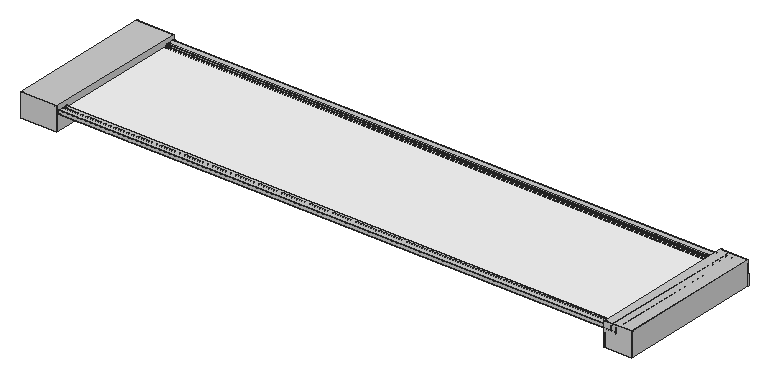
Revit family "DSI-HHS10B_2HR_Horizontal-Fire-Curtain_Jamb_Door-Systems", category Generic Models, Revit 2021
Family settings
  Can host rebar = No
  Round Connector Dimension = Use Diameter
  Part Type = Normal
  Work Plane-Based = No
  Always vertical = Yes
  Cut with Voids When Loaded = No
  Shared = No
  Room Calculation Point = No
Parameters
  Type Comments = ""
  Specifications = "https://www.arcat.com/company/door-systems-50183/spec"
  Specification = ""
  Product Page URL = ""
  Product Information = "https://www.arcat.com/arcatcos/cos50/arc50183.html"
  Primed Steel = "Primed Steel"
  Keynote = "08 33 44"
  Height (TBH) Tail end Box [instance] = 0' - 11.81"
  Description = ""
  Default Elevation = 0' - 0"
  Cost = 0
  Copyright = "Arcat, Inc."
  CURTAIN WIDTH [instance] = 5' - 3"
  URL = "https://www.doorsysinc.com"
  Width (TBW) Tail end Box [instance] = 1' - 1 3/4"
  Schematic Floor = no
  Power Supply = "120v"
  Open Fire Curtain = yes
  Motor = "INTERNAL, ELECTRIC, TUBULER GEARED CONSTANT SPEED MOTOR"
  Model = "DSI-HHS10B 2HR HorizontalnCurtain Jamb"
  Manufacturer = "Door Systems"
  Width (HBW) Head Box [instance] = 1' - 6 1/2"
  Height (HBH) Head Box [instance] = 0' - 11 3/4"
  Guide Rail = "2 mm THK PRIMED STEEL GUIDE RAIL"
  End Plate = "3mmTHK PRIMED STEEL END PLATES AND BRACKETS"
  Curtain Fabric = "HS690-SS FABRIC- UL 10B"
  Curtain Box = "1.2mmTHK PRIMED STEEL"
  Curtain = Curtain
  CURTAIN LENGTH [instance] = 23' - 0"
  CAD Details = ""
  Bottom Bar = "2mm THK  PRIMED STEEL  BOTTOM BAR"
  Assembly Code = ""
Reference planes (in)
  plane 1 "Center (Front/Back)": y = 0
  plane 2: z = 0.04835
  plane 3 "Center (Left/Right)": x = 0
  plane 4: y = 48
  plane 5: y = -25.62376
  plane 6: x = -48
  plane 7: x = 260.25
  plane 8: x = -29.5
  plane 9: x = 246.5
  plane 10: y = 43.47244
  plane 11: y = -21.0962
  plane 12: z = 0
  plane 13: z = 11.75
  plane 14: z = 8.30906
  plane 15: x = -34.22047
  plane 16: x = 252.40133
  plane 17: z = 10.90207
  plane 18: y = 47.2126
  plane 19: y = -24.84251
  plane 20: y = -25.57689
  plane 21: y = 47.95312
  plane 22: z = 9.7997
  plane 23: z = 9.75283
  plane 24: z = -0.06
  plane 25: z = -0.01312
  plane 26: z = 11.70276
  plane 27: x = -45.24409
  plane 28: x = -33.76735
  plane 29: x = -47.95312
  plane 30: x = -29.54687
  plane 31: y = -20.31495
  plane 32: y = 42.68505
  plane 33 "Cloth Superior": z = 9.0123
  plane 34: z = 8.96543
Forms (in)
  Extrusion 1, solid, material "Steel, Paint Finish, Dark Gray, Matte"
    sketch origin (0, -119.95313, 0) x (1, 0, 0) y (0, 0, 1)
      loop
        line (-48, 11.65551) -> (-48, -0.06) -> (-29.5, -0.06) -> (-29.5, 11.75) -> (-47.90551, 11.75)
        arc (-47.90551, 11.75) -> (-47.97233, 11.72233) -> (-48, 11.65551) r 0.09449
    from -94.37624 to -94.32936
  Extrusion 2, solid, material "Steel, Paint Finish, Dark Gray, Matte"
    sketch origin (0, -36, 0) x (1, 0, 0) y (0, 0, 1)
      loop
        line (-48, 11.65551) -> (-48, -0.06) -> (-29.5, -0.06) -> (-29.5, 11.75) -> (-47.90551, 11.75)
        arc (-47.90551, 11.75) -> (-47.97233, 11.72233) -> (-48, 11.65551) r 0.09449
    from -84 to -83.95312
  Extrusion 3, solid, material "Steel, Paint Finish, Dark Gray, Matte"
    sketch origin (0, -35.95313, 0) x (1, 0, 0) y (0, 0, 1)
      loop
        line (246.49582, -0.06) -> (260.24582, -0.06) -> (260.24582, 11.65551)
        arc (260.24582, 11.65551) -> (260.21814, 11.72233) -> (260.15133, 11.75) r 0.09449
        line (260.15133, 11.75) -> (246.49582, 11.75) -> (246.49582, -0.06)
    from -10.37624 to -10.32936
  Extrusion 4, solid, material "Steel, Paint Finish, Dark Gray, Matte"
    sketch origin (0, 48, 0) x (1, 0, 0) y (0, 0, 1)
      loop
        line (246.49582, -0.06) -> (260.24582, -0.06) -> (260.24582, 11.65551)
        arc (260.24582, 11.65551) -> (260.21814, 11.72233) -> (260.15133, 11.75) r 0.09449
        line (260.15133, 11.75) -> (246.49582, 11.75) -> (246.49582, -0.06)
    from 0 to 0.04688
  Extrusion 5, solid, material "Galvanized Steel"
    sketch origin (0, 1.56963, 0.2623) x (0, 1, 0) y (0, 0, 1)
      loop
        line (-21.88458, 8.86811) -> (-21.88458, 9.41929)
        arc (-21.88458, 9.41929) -> (-21.91918, 9.50281) -> (-22.00269, 9.5374) r 0.11811
        line (-22.00269, 9.5374) -> (-26.29403, 9.5374)
        arc (-26.29403, 9.5374) -> (-26.37755, 9.50281) -> (-26.41214, 9.41929) r 0.11811
        line (-26.41214, 9.41929) -> (-26.41214, 7.68701)
        arc (-26.41214, 7.68701) -> (-26.37755, 7.60349) -> (-26.29403, 7.5689) r 0.11811
        line (-26.29403, 7.5689) -> (-22.00269, 7.5689)
        arc (-22.00269, 7.5689) -> (-21.91918, 7.60349) -> (-21.88458, 7.68701) r 0.11811
        line (-21.88458, 7.68701) -> (-21.88458, 8.23819)
        arc (-21.88458, 8.23819) -> (-21.91918, 8.32171) -> (-22.00269, 8.3563) r 0.11811
        line (-22.00269, 8.3563) -> (-23.14443, 8.3563)
        arc (-23.14443, 8.3563) -> (-23.22794, 8.32171) -> (-23.26254, 8.23819) r 0.11811
        line (-23.26254, 8.23819) -> (-23.26254, 7.68701) -> (-23.1838, 7.68701) -> (-23.1838, 8.23819)
        arc (-23.1838, 8.23819) -> (-23.17227, 8.26603) -> (-23.14443, 8.27756) r 0.03937
        line (-23.14443, 8.27756) -> (-22.00269, 8.27756)
        arc (-22.00269, 8.27756) -> (-21.97486, 8.26603) -> (-21.96332, 8.23819) r 0.03937
        line (-21.96332, 8.23819) -> (-21.96332, 7.68701)
        arc (-21.96332, 7.68701) -> (-21.97486, 7.65917) -> (-22.00269, 7.64764) r 0.03937
        line (-22.00269, 7.64764) -> (-26.29403, 7.64764)
        arc (-26.29403, 7.64764) -> (-26.32187, 7.65917) -> (-26.3334, 7.68701) r 0.03937
        line (-26.3334, 7.68701) -> (-26.3334, 9.41929)
        arc (-26.3334, 9.41929) -> (-26.32187, 9.44713) -> (-26.29403, 9.45866) r 0.03937
        line (-26.29403, 9.45866) -> (-22.00269, 9.45866)
        arc (-22.00269, 9.45866) -> (-21.97486, 9.44713) -> (-21.96332, 9.41929) r 0.03937
        line (-21.96332, 9.41929) -> (-21.96332, 8.86811)
        arc (-21.96332, 8.86811) -> (-21.97486, 8.84027) -> (-22.00269, 8.82874) r 0.03937
        line (-22.00269, 8.82874) -> (-23.14443, 8.82874)
        arc (-23.14443, 8.82874) -> (-23.17227, 8.84027) -> (-23.1838, 8.86811) r 0.03937
        line (-23.1838, 8.86811) -> (-23.1838, 9.43307) -> (-23.26254, 9.43307) -> (-23.26254, 8.86811)
        arc (-23.26254, 8.86811) -> (-23.22794, 8.78459) -> (-23.14443, 8.75) r 0.11811
        line (-23.14443, 8.75) -> (-22.00269, 8.75)
        arc (-22.00269, 8.75) -> (-21.91918, 8.78459) -> (-21.88458, 8.86811) r 0.11811
    from -29.54687 to 252.40133
  Extrusion 6, solid, material "Steel, Paint Finish, Dark Gray, Matte"
    sketch origin (0, 0, -1.0631) x (0, 1, 0) y (0, 0, 1)
      loop
        line (44.063, 10.79774) -> (43.98426, 10.79774) -> (43.98426, 10.23278)
        arc (43.98426, 10.23278) -> (43.97273, 10.20494) -> (43.94489, 10.19341) r 0.03937
        line (43.94489, 10.19341) -> (42.80316, 10.19341)
        arc (42.80316, 10.19341) -> (42.77532, 10.20494) -> (42.76379, 10.23278) r 0.03937
        line (42.76379, 10.23278) -> (42.76379, 10.78396)
        arc (42.76379, 10.78396) -> (42.77532, 10.8118) -> (42.80316, 10.82333) r 0.03937
        line (42.80316, 10.82333) -> (47.09449, 10.82333)
        arc (47.09449, 10.82333) -> (47.12233, 10.8118) -> (47.13386, 10.78396) r 0.03937
        line (47.13386, 10.78396) -> (47.13386, 9.05167)
        arc (47.13386, 9.05167) -> (47.12233, 9.02383) -> (47.09449, 9.0123) r 0.03937
        line (47.09449, 9.0123) -> (42.80316, 9.0123)
        arc (42.80316, 9.0123) -> (42.77532, 9.02383) -> (42.76379, 9.05167) r 0.03937
        line (42.76379, 9.05167) -> (42.76379, 9.60285)
        arc (42.76379, 9.60285) -> (42.77532, 9.63069) -> (42.80316, 9.64222) r 0.03937
        line (42.80316, 9.64222) -> (43.94489, 9.64222)
        arc (43.94489, 9.64222) -> (43.97273, 9.63069) -> (43.98426, 9.60285) r 0.03937
        line (43.98426, 9.60285) -> (43.98426, 9.05167) -> (44.063, 9.05167) -> (44.063, 9.60285)
        arc (44.063, 9.60285) -> (44.0284, 9.68637) -> (43.94489, 9.72096) r 0.11811
        line (43.94489, 9.72096) -> (42.80316, 9.72096)
        arc (42.80316, 9.72096) -> (42.71964, 9.68637) -> (42.68505, 9.60285) r 0.11811
        line (42.68505, 9.60285) -> (42.68505, 9.05167)
        arc (42.68505, 9.05167) -> (42.71964, 8.96816) -> (42.80316, 8.93356) r 0.11811
        line (42.80316, 8.93356) -> (47.09449, 8.93356)
        arc (47.09449, 8.93356) -> (47.17801, 8.96816) -> (47.2126, 9.05167) r 0.11811
        line (47.2126, 9.05167) -> (47.2126, 10.78396)
        arc (47.2126, 10.78396) -> (47.17801, 10.86747) -> (47.09449, 10.90207) r 0.11811
        line (47.09449, 10.90207) -> (42.80316, 10.90207)
        arc (42.80316, 10.90207) -> (42.71964, 10.86747) -> (42.68505, 10.78396) r 0.11811
        line (42.68505, 10.78396) -> (42.68505, 10.23278)
        arc (42.68505, 10.23278) -> (42.71964, 10.14926) -> (42.80316, 10.11467) r 0.11811
        line (42.80316, 10.11467) -> (43.94489, 10.11467)
        arc (43.94489, 10.11467) -> (44.0284, 10.14926) -> (44.063, 10.23278) r 0.11811
        line (44.063, 10.23278) -> (44.063, 10.79774)
    from -29.5 to 252.40133
  Extrusion 7, solid, material "Curtain", visible <- "Open Fire Curtain"
    sketch origin (0, 0, 9.0123) x (-1, 0, 0) y (0, -1, 0)
      loop
        line (29.5, 21.0962) -> (-252.40133, 21.0962) -> (-252.40133, -43.47244) -> (29.5, -43.47244) -> (29.5, 21.0962)
    from -0.04688 to 0
  Extrusion 8, solid, material "Schematic Floor", visible <- "Schematic Floor"
    sketch origin (0, 0, 2.04687) x (1, 0, 0) y (0, 1, 0)
      loop
        line (-48, -25.57689) -> (260.25, -25.57689) -> (260.25, 48) -> (-48, 48) -> (-48, -25.57689)
      loop
        line (284.24582, 72) -> (-72, 72) -> (-72, -49.57689) -> (284.24582, -49.57689) -> (284.24582, 72)
    from 0 to 9.70313
  Extrusion 9, solid, material "Steel, Paint Finish, Dark Gray, Matte"
    sketch origin (0, 0, 0) x (1, 0, 0) y (0, 0, 1)
      loop
        line (246.49582, 11.75) -> (246.49582, 11.70276) -> (260.15133, 11.70276)
        arc (260.15133, 11.70276) -> (260.18474, 11.68892) -> (260.19857, 11.65551) r 0.04724
        line (260.19857, 11.65551) -> (260.19857, -0.01313) -> (246.54306, -0.01313) -> (246.54306, 6.53009)
        arc (246.54306, 6.53009) -> (246.54939, 6.55371) -> (246.56668, 6.57101) r 0.04724
        line (246.56668, 6.57101) -> (249.57707, 8.30906) -> (252.30684, 8.30906)
        arc (252.30684, 8.30906) -> (252.34025, 8.29522) -> (252.35408, 8.26181) r 0.04724
        line (252.35408, 8.26181) -> (252.35408, 7.68701) -> (252.40133, 7.68701) -> (252.40133, 8.26181)
        arc (252.40133, 8.26181) -> (252.37365, 8.32862) -> (252.30684, 8.3563) r 0.09449
        line (252.30684, 8.3563) -> (249.58368, 8.3563)
        arc (249.58368, 8.3563) -> (249.56237, 8.3523) -> (249.54248, 8.34364) r 0.09639
        line (249.54248, 8.34364) -> (246.54306, 6.61192)
        arc (246.54306, 6.61192) -> (246.50848, 6.57734) -> (246.49582, 6.53009) r 0.09449
        line (246.49582, 6.53009) -> (246.49582, -0.06) -> (260.24582, -0.06) -> (260.24582, 11.65551)
        arc (260.24582, 11.65551) -> (260.21814, 11.72233) -> (260.15133, 11.75) r 0.09449
        line (260.15133, 11.75) -> (246.49582, 11.75)
      loop
        line (250.23597, 8.65797) -> (250.23597, 8.73671) -> (249.8029, 8.73671)
        arc (249.8029, 8.73671) -> (249.74723, 8.75977) -> (249.72416, 8.81545) r 0.07874
        line (249.72416, 8.81545) -> (249.72416, 9.60285)
        arc (249.72416, 9.60285) -> (249.74723, 9.65853) -> (249.8029, 9.68159) r 0.07874
        line (249.8029, 9.68159) -> (252.24385, 9.68159)
        arc (252.24385, 9.68159) -> (252.29953, 9.65853) -> (252.32259, 9.60285) r 0.07874
        line (252.32259, 9.60285) -> (252.32259, 8.81545)
        arc (252.32259, 8.81545) -> (252.29953, 8.75977) -> (252.24385, 8.73671) r 0.07874
        line (252.24385, 8.73671) -> (251.81078, 8.73671) -> (251.81078, 8.65797) -> (252.24385, 8.65797)
        arc (252.24385, 8.65797) -> (252.3552, 8.7041) -> (252.40133, 8.81545) r 0.15748
        line (252.40133, 8.81545) -> (252.40133, 9.60285)
        arc (252.40133, 9.60285) -> (252.3552, 9.71421) -> (252.24385, 9.76033) r 0.15748
        line (252.24385, 9.76033) -> (249.8029, 9.76033)
        arc (249.8029, 9.76033) -> (249.69155, 9.71421) -> (249.64542, 9.60285) r 0.15748
        line (249.64542, 9.60285) -> (249.64542, 8.81545)
        arc (249.64542, 8.81545) -> (249.69155, 8.7041) -> (249.8029, 8.65797) r 0.15748
        line (249.8029, 8.65797) -> (250.23597, 8.65797)
      loop
        line (251.81078, 10.82333) -> (252.24385, 10.82333)
        arc (252.24385, 10.82333) -> (252.29953, 10.80026) -> (252.32259, 10.74459) r 0.07874
        line (252.32259, 10.74459) -> (252.32259, 9.95718)
        arc (252.32259, 9.95718) -> (252.29953, 9.90151) -> (252.24385, 9.87844) r 0.07874
        line (252.24385, 9.87844) -> (249.8029, 9.87844)
        arc (249.8029, 9.87844) -> (249.74723, 9.90151) -> (249.72416, 9.95718) r 0.07874
        line (249.72416, 9.95718) -> (249.72416, 10.74459)
        arc (249.72416, 10.74459) -> (249.74723, 10.80026) -> (249.8029, 10.82333) r 0.07874
        line (249.8029, 10.82333) -> (250.23597, 10.82333) -> (250.23597, 10.90207) -> (249.8029, 10.90207)
        arc (249.8029, 10.90207) -> (249.69155, 10.85594) -> (249.64542, 10.74459) r 0.15748
        line (249.64542, 10.74459) -> (249.64542, 9.95718)
        arc (249.64542, 9.95718) -> (249.69155, 9.84583) -> (249.8029, 9.7997) r 0.15748
        line (249.8029, 9.7997) -> (252.24385, 9.7997)
        arc (252.24385, 9.7997) -> (252.3552, 9.84583) -> (252.40133, 9.95718) r 0.15748
        line (252.40133, 9.95718) -> (252.40133, 10.74459)
        arc (252.40133, 10.74459) -> (252.3552, 10.85594) -> (252.24385, 10.90207) r 0.15748
        line (252.24385, 10.90207) -> (251.81078, 10.90207) -> (251.81078, 10.82333)
    from -47.95312 to 25.57689
  Extrusion 10, solid, material "Steel, Paint Finish, Dark Gray, Matte"
    sketch origin (-2.7556, 0, -3.5) x (1, 0, 0) y (0, 0, 1)
      loop
        line (-45.2444, 3.44) -> (-26.7444, 3.44) -> (-26.7444, 15.25) -> (-45.2444, 15.25) -> (-45.2444, 3.44)
    from -47.95312 to 25.57689
Lines and regions (in)
  symbolic lines
    curve 1: circle (-44.4481, 0, 6.24083) r 1.91535 normal (0, -1, 0)
    curve 2: circle (-44.4481, 0, 6.24083) r 1.50591 normal (0, -1, 0)
    curve 3: circle (-44.4481, 0, 6.24083) r 1.37795 normal (0, -1, 0)
    curve 4: line (-44.45337, 0, 8.57018) -> (-44.44283, 0, 3.91148)
    curve 5: line (-46.77745, 0, 6.23556) -> (-42.11875, 0, 6.2461)
    curve 6: line (-42.11875, 0, 6.2461) -> (-33.09316, 0, 6.2665)
    curve 7: line (-37.56899, 0, 10.72215) -> (-37.5488, 0, 1.79067)
    curve 8: arc (-37.5634, 0, 8.2505) -> (-38.97212, 0, 7.66325) -> (-39.55298, 0, 6.2519) r 1.99409
    curve 9: circle (-37.55889, 0, 6.25641) r 3.54331 normal (0, -1, 0)
    curve 10: line (-44.32021, 0, 8.15191) -> (-37.46315, 0, 7.69302)
    curve 11: line (-37.55564, 0, 4.81661) -> (-44.3106, 0, 4.33042)
    curve 12: circle (-37.55889, 0, 6.25641) r 1.43976 normal (0, -1, 0)
    curve 13: circle (-37.55889, 0, 6.25641) r 1.85236 normal (0, -1, 0)
    curve 14: circle (-37.55889, 0, 6.25641) r 1.99409 normal (0, -1, 0)
    curve 15: line (-34.11021, 0, 9.7997) -> (-37.56691, 0, 9.7997)
    curve 31: circle (251.07062, 0, 4.85876) r 1.43976 normal (0, -1, 0)
    curve 32: line (255.80408, 0, 6.76489) -> (250.93148, 0, 6.29178)
    curve 33: line (251.07062, 0, 6.65057) -> (251.07062, 0, 3.06695)
    curve 34: line (249.27881, 0, 4.85876) -> (252.86243, 0, 4.85876)
    curve 35: circle (251.07292, 0, 4.85876) r 0.83465 normal (0, -1, 0)
    curve 36: circle (251.07292, 0, 4.85876) r 0.71654 normal (0, -1, 0)
    curve 37: line (253.51091, 0, 4.85876) -> (258.47285, 0, 4.85876)
    curve 38: circle (255.99188, 0, 4.85876) r 1.91535 normal (0, -1, 0)
    curve 39: circle (255.99188, 0, 4.85876) r 1.50591 normal (0, -1, 0)
    curve 40: circle (255.99188, 0, 4.85876) r 1.37795 normal (0, -1, 0)
    curve 41: line (251.08935, 0, 3.41912) -> (255.80329, 0, 2.95271)
    curve 42: line (255.99188, 0, 7.33973) -> (255.99188, 0, 2.37779)
  symbolic lines, not visible
    curve 16: circle (-44.45615, 0, 6.29921) r 1.91535 normal (0, -1, 0)
    curve 17: circle (-44.45615, 0, 6.29921) r 1.50591 normal (0, -1, 0)
    curve 18: circle (-44.45615, 0, 6.29921) r 1.37795 normal (0, -1, 0)
    curve 19: line (-44.45615, 0, 8.62857) -> (-44.45615, 0, 3.96985)
    curve 20: line (-46.78551, 0, 6.29921) -> (-42.12679, 0, 6.29921)
    curve 21: line (-42.12679, 0, 6.29921) -> (-33.10118, 0, 6.29921)
    curve 22: line (-37.56693, 0, 10.76496) -> (-37.56693, 0, 1.83346)
    curve 23: arc (-37.56693, 0, 8.29331) -> (-38.97697, 0, 7.70925) -> (-39.56102, 0, 6.29921) r 1.99409
    curve 24: circle (-37.56693, 0, 6.29921) r 3.54331 normal (0, -1, 0)
    curve 25: line (-44.32394, 0, 8.21) -> (-37.46794, 0, 7.73561)
    curve 26: line (-37.56693, 0, 4.85941) -> (-44.32297, 0, 4.38849)
    curve 27: circle (-37.56693, 0, 6.29921) r 1.43976 normal (0, -1, 0)
    curve 28: circle (-37.56693, 0, 6.29921) r 1.85236 normal (0, -1, 0)
    curve 29: circle (-37.56693, 0, 6.29921) r 1.99409 normal (0, -1, 0)
    curve 30: line (-34.11024, 0, 9.8347) -> (-37.56693, 0, 9.84252)
    curve 43: circle (126.25984, 0, 4.92126) r 1.43976 normal (0, -1, 0)
    curve 44: line (130.9933, 0, 6.82739) -> (126.1207, 0, 6.35428)
    curve 45: line (126.25984, 0, 6.71307) -> (126.25984, 0, 3.12945)
    curve 46: line (124.46803, 0, 4.92126) -> (128.05166, 0, 4.92126)
    curve 47: circle (126.26214, 0, 4.92126) r 0.83465 normal (0, -1, 0)
    curve 48: circle (126.26214, 0, 4.92126) r 0.71654 normal (0, -1, 0)
    curve 49: line (128.70013, 0, 4.92126) -> (133.66207, 0, 4.92126)
    curve 50: circle (131.1811, 0, 4.92126) r 1.91535 normal (0, -1, 0)
    curve 51: circle (131.1811, 0, 4.92126) r 1.50591 normal (0, -1, 0)
    curve 52: circle (131.1811, 0, 4.92126) r 1.37795 normal (0, -1, 0)
    curve 53: line (126.27857, 0, 3.48162) -> (130.99251, 0, 3.01521)
    curve 54: line (131.1811, 0, 7.40223) -> (131.1811, 0, 2.44029)
Dimensions and locks (in)
  "Width (HBW) Head Box": plane 6 to plane 8
  "Width (TBW) Tail end Box": plane 9 to plane 7
  plane 6 to plane 7 = 25' - 8 1/4"
  "CURTAIN LENGTH": plane 8 to plane 9
  plane 4 to plane 5 = 6' - 1.62376"
  locked: plane 11 to plane 5 at 4.52756
  locked: plane 4 to plane 10 at 4.52756
  "Height (HBH) Head Box": plane 13 to plane 12
  locked: plane 13 to plane 14 at 3.44094
  locked: plane 9 to plane 16 at 5.90133
  locked: plane 13 to plane 17 at 0.84793
  locked: plane 4 to plane 18 at 0.7874
  locked: plane 19 to plane 5 at 0.78125
  locked: plane 20 to plane 5 at 0.04687
  locked: plane 4 to plane 21 at 0.04688
  plane 13 to plane 22 to plane 23 = 0' - 1.9503" locked, 0' - 0 3/64" locked
  locked: plane 14 to curve 37 at 3.4503
  locked: curve 33 to plane 16 at 1.33071
  "Height (TBH) Tail end Box": plane 13 to plane 24
  locked: plane 25 to plane 24 at 0.04688
  locked: plane 13 to plane 26 at 0.04724
  locked: level to plane 12 at 0.04835
  locked: plane 30 to plane 8 at 0.04688
  locked: plane 6 to plane 29 at 0.04688
  locked: plane 28 to plane 30 at 4.22047
  "CURTAIN WIDTH": plane 32 to plane 31
  locked: plane 4 to plane 32 at 5.31495
  locked: plane 31 to plane 5 at 5.30881
  locked: plane 33 "Cloth Superior" to plane 34 at 0.04688
  locked: plane 13 to plane 33 "Cloth Superior" at 2.7377
  aligned and locked: level to plane 2
  aligned and locked: Extrusion 1 to plane 5
  aligned and locked: Extrusion 1 to plane 20
  aligned and locked: Extrusion 2 to plane 21
  aligned and locked: plane 4 to Extrusion 2
  aligned and locked: plane 5 to Extrusion 3
  aligned and locked: Extrusion 3 to plane 20
  aligned and locked: Extrusion 4 to plane 4
  aligned and locked: plane 21 to Extrusion 4
  aligned and locked: plane 19 to Extrusion 5
  aligned and locked: Extrusion 7 to plane 16
  aligned and locked: Extrusion 7 to plane 10
  aligned and locked: Extrusion 7 to plane 11
  aligned and locked: plane 22 to curve 15
  aligned and locked: Extrusion 6 to plane 16
  aligned and locked: Extrusion 5 to plane 16
  aligned and locked: Extrusion 8 to plane 6
  aligned and locked: plane 7 to Extrusion 8
  aligned and locked: Extrusion 8 to plane 20
  aligned and locked: Extrusion 8 to plane 4
  aligned and locked: plane 24 to Extrusion 4
  aligned and locked: plane 24 to Extrusion 3
  aligned and locked: plane 26 to Extrusion 9
  aligned and locked: Extrusion 3 to plane 13
  aligned and locked: plane 24 to Extrusion 9
  aligned and locked: Extrusion 9 to plane 25
  aligned and locked: Extrusion 3 to plane 5
  aligned and locked: Extrusion 9 to Extrusion 8
  aligned and locked: plane 20 to Extrusion 9
  aligned and locked: Extrusion 8 to plane 13
  aligned and locked: Extrusion 9 sketch curve to plane 26
  aligned and locked: Extrusion 9 sketch curve to Extrusion 8
  aligned and locked: plane 21 to Extrusion 10
  aligned and locked: plane 20 to Extrusion 10
  aligned and locked: plane 6 to Extrusion 10 sketch curve
  aligned and locked: Extrusion 10 sketch curve to plane 24
  aligned and locked: plane 13 to Extrusion 10 sketch curve
  aligned and locked: plane 22 to Extrusion 5
  aligned and locked: plane 8 to Extrusion 6
  aligned and locked: plane 8 to Extrusion 7
  aligned and locked: plane 30 to Extrusion 5
  aligned and locked: Extrusion 1 sketch curve to plane 24
  aligned and locked: Extrusion 2 sketch curve to plane 24
  aligned and locked: plane 31 to Extrusion 5
  aligned and locked: plane 32 to Extrusion 6
  aligned and locked: plane 33 "Cloth Superior" to Extrusion 5
  aligned and locked: Extrusion 7 to plane 34
  aligned and locked: plane 33 "Cloth Superior" to Extrusion 7
Automatic sketch dimensions
  plane 6 to Extrusion 1 sketch curve = 0' - 0"
  Extrusion 1 sketch curve to plane 13 = 0' - 0"
  plane 8 to Extrusion 1 sketch curve = 0' - 0"
  Extrusion 1 sketch curve to plane 26 = 0' - 0.04724"
  plane 6 to Extrusion 2 sketch curve = 0' - 0"
  Extrusion 2 sketch curve to plane 13 = 0' - 0"
  plane 8 to Extrusion 2 sketch curve = 0' - 0"
  Extrusion 2 sketch curve to plane 26 = 0' - 0.04724"
  Extrusion 3 sketch curve to plane 24 = 0' - 0"
  Extrusion 3 sketch curve to plane 13 = 0' - 0"
  plane 9 to Extrusion 3 sketch curve = 0' - 0.00418"
  plane 7 to Extrusion 3 sketch curve = 0' - 0.09867"
  plane 7 to Extrusion 3 sketch curve = 0' - 0.00418"
  Extrusion 4 sketch curve to plane 24 = 0' - 0"
  Extrusion 4 sketch curve to plane 13 = 0' - 0"
  plane 9 to Extrusion 4 sketch curve = 0' - 0.00418"
  plane 7 to Extrusion 4 sketch curve = 0' - 0.09867"
  plane 7 to Extrusion 4 sketch curve = 0' - 0.00418"
  Extrusion 5 sketch curve to Extrusion 5 sketch curve = 0' - 0"  (x18)
  Extrusion 5 sketch curve to plane 19 = 0' - 0"
  Extrusion 5 sketch curve to Extrusion 5 sketch curve = 0' - 0.07874"
  Extrusion 5 sketch curve to Extrusion 5 sketch curve = 0' - 0.03937"  (x6)
  Extrusion 5 sketch curve to plane 11 = 0' - 0.5967"  (x2)
  plane 11 to Extrusion 5 sketch curve = 0' - 0.66314"  (x2)
  plane 14 to Extrusion 5 sketch curve = 0' - 0.19144"
  Extrusion 5 sketch curve to Extrusion 5 sketch curve = 0' - 0.55118"  (x2)
  Extrusion 5 sketch curve to Extrusion 5 sketch curve = 0' - 0.3937"
  Extrusion 5 sketch curve to plane 23 = 0' - 0.07124"
  Extrusion 5 sketch curve to plane 23 = 0' - 0.05746"
  Extrusion 6 sketch curve to Extrusion 6 sketch curve = 0' - 0"  (x18)
  Extrusion 6 sketch curve to plane 18 = 0' - 0"
  Extrusion 6 sketch curve to plane 23 = 0' - 0.03197"  (x2)
  Extrusion 6 sketch curve to plane 18 = 0' - 0.07874"
  Extrusion 6 sketch curve to Extrusion 6 sketch curve = 0' - 0.03937"  (x5)
  Extrusion 6 sketch curve to plane 23 = 0' - 0.01819"
  plane 10 to Extrusion 6 sketch curve = 0' - 0.59056"  (x2)
  plane 14 to Extrusion 6 sketch curve = 0' - 0.2307"
  Extrusion 6 sketch curve to plane 10 = 0' - 0.66929"  (x2)
  Extrusion 6 sketch curve to plane 14 = 0' - 0.32048"  (x2)
  Extrusion 6 sketch curve to Extrusion 6 sketch curve = 0' - 0.3937"
  Extrusion 8 sketch curve to plane 6 = 0' - 0"
  Extrusion 8 sketch curve to plane 7 = 0' - 0"
  plane 20 to Extrusion 8 sketch curve = 0' - 0"
  Extrusion 8 sketch curve to plane 4 = 0' - 0"
  plane 6 to Extrusion 8 sketch curve = 2' - 0"
  Extrusion 8 sketch curve to plane 7 = 1' - 11.99582"
  Extrusion 8 sketch curve to plane 5 = 1' - 11 61/64"
  plane 4 to Extrusion 8 sketch curve = 2' - 0"
  Extrusion 9 sketch curve to Extrusion 9 sketch curve = 0' - 0"  (x24)
  Extrusion 9 sketch curve to plane 24 = 0' - 0"
  Extrusion 9 sketch curve to plane 25 = 0' - 0"
  Extrusion 9 sketch curve to plane 14 = 0' - 0"
  Extrusion 9 sketch curve to plane 22 = 0' - 0"
  Extrusion 9 sketch curve to plane 17 = 0' - 0"  (x2)
  plane 16 to Extrusion 9 sketch curve = 0' - 0"  (x3)
  Extrusion 9 sketch curve to Extrusion 9 sketch curve = 0' - 0.04724"
  Extrusion 9 sketch curve to Extrusion 9 sketch curve = 0' - 0.07874"  (x8)
  plane 16 to Extrusion 9 sketch curve = 0' - 0.09449"
  Extrusion 9 sketch curve to plane 23 = 0' - 0.07124"
  Extrusion 9 sketch curve to Extrusion 9 sketch curve = 0' - 0.43307"  (x4)
  Extrusion 9 sketch curve to Extrusion 9 sketch curve = 0' - 1.5748"  (x2)
  plane 14 to Extrusion 9 sketch curve = 0' - 0.34892"
  Extrusion 9 sketch curve to plane 14 = 0' - 0.04889"
  Extrusion 9 sketch curve to Extrusion 9 sketch curve = 0' - 0.21222"
  Extrusion 9 sketch curve to Extrusion 9 sketch curve = 0' - 0.007"
  Extrusion 9 sketch curve to Extrusion 9 sketch curve = 0' - 0.00661"
  plane 14 to Extrusion 9 sketch curve = 0' - 0.03459"
  Extrusion 9 sketch curve to plane 9 = 0' - 0.09031"
  Extrusion 9 sketch curve to Extrusion 9 sketch curve = 0' - 0.02362"
  Extrusion 9 sketch curve to plane 9 = 0' - 0.04306"  (x2)
  plane 9 to Extrusion 9 sketch curve = 0' - 0.00418"  (x2)
  plane 7 to Extrusion 9 sketch curve = 0' - 0.09867"
  Extrusion 9 sketch curve to plane 26 = 0' - 0.04724"
  Extrusion 9 sketch curve to plane 14 = 0' - 1.77896"
  Extrusion 9 sketch curve to Extrusion 9 sketch curve = 0' - 0.5748"
  Extrusion 9 sketch curve to Extrusion 9 sketch curve = 0' - 0.30167"
  Extrusion 10 sketch curve to plane 30 = 0' - 0 3/64"
  plane 10 to Extrusion 7 sketch curve = 0' - 0"
  Extrusion 7 sketch curve to plane 16 = 0' - 0"
  Extrusion 7 sketch curve to plane 8 = 0' - 0"
  plane 11 to Extrusion 7 sketch curve = 0' - 0"
